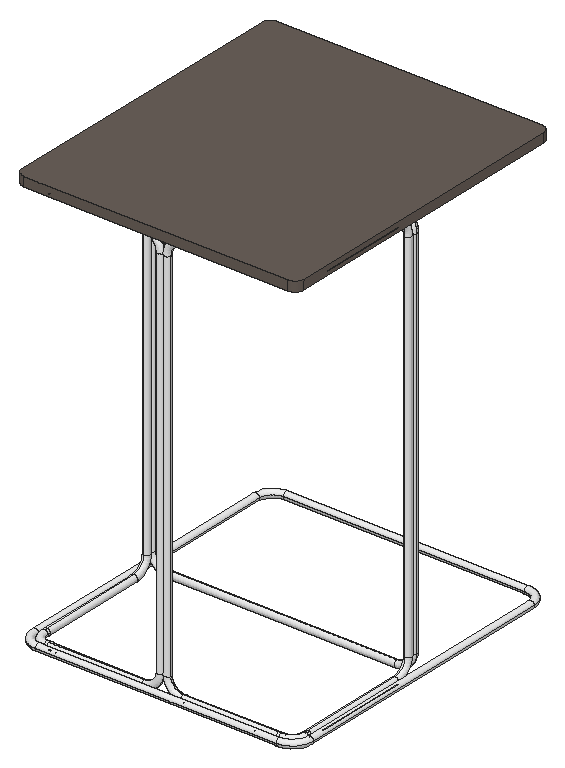
Revit family "Table-Task-Teknion-STKTT_Kogen-R2013", category Furniture, Revit 2013
Parameters (values of type "24 1/2" High")
  Width = 16.000"  # constant formula
  Warranty = "http://www.teknionstudio.com/pdfs/Teknion%20Studio%20Warranty.pdf"
  Unit Weight = 15.00 lbf
  URL = "www.teknionstudio.com"
  Table Top Finish [instance] = Veneer - Teknion - WD - Dark Walnut
  Series = "Teknion Studio"
  Salvage or Reuse = yes
  Product Page URL = "http://teknionstudio.com/teknionstudio/"
  Product Line = "Kogen"
  Product Documentation Link = "http://www.teknionstudio.com/pricing/STKTT_ppg.pdf"
  Part Number = "STKTT"
  Model = "STKTTA"
  Manufacturer Phone = "919-464-2920"
  Manufacturer Fax = "919-464-2927"
  Manufacturer Email = "mailto:customersupport@teknionstudio.com"
  Manufacturer Address = "3940 US 70 Business HWY West, Clayton, NC 27520"
  Manufacturer = "Teknion Studio"  # constant formula
  Height = 24.000"
  Description = "Kogen Task Table 24 1/2\"\"h"
  Depth = 18.000"  # constant formula
  Assembly Code = "E2020200"
Reference planes (in)
  plane 1 "Center F/B": y = 0
  plane 2: z = 0
  plane 3 "Center L/R": x = 0
  plane 4 "Left": x = -8
  plane 5 "Right": x = 8
  plane 6 "Back": y = 9
  plane 7 "Front": y = -9
  plane 8 "Top": z = 24
  plane 9 "Table Bottom": z = 23.48
  plane 10 "Base Bottom Mid-plane": z = 0.1924
  plane 11 "Base Top Mid-plane": z = 23.4124
  plane 12 "Left Leg Mid-plane": x = -7.4228
  plane 13 "Right Leg Mid-plane": x = 7.423
  plane 14 "Front Leg Mid-plane": y = -8.423
Forms (in)
  Extrusion 1, solid, material "Veneer - Teknion - WD - Dark Walnut" <- "Table Top Finish"
    sketch origin (0, 0, 0) x (1, 0, 0) y (0, 1, 0)
      loop
        arc (-7.506, 9) -> (-7.85531, 8.85531) -> (-8, 8.506) r 0.494
        line (-8, 8.506) -> (-8, -8.506)
        arc (-8, -8.506) -> (-7.85531, -8.85531) -> (-7.506, -9) r 0.494
        line (-7.506, -9) -> (7.506, -9)
        arc (7.506, -9) -> (7.85531, -8.85531) -> (8, -8.506) r 0.494
        line (8, -8.506) -> (8, 8.506)
        arc (8, 8.506) -> (7.85531, 8.85531) -> (7.506, 9) r 0.494
        line (7.506, 9) -> (-7.506, 9)
    from 23.48 to 24
  Sweep 2, solid, material "Metal - Teknion - C6 - Chrome"
    path origin (-10.56126, -180, 0.1924) x (-1, 0, 0) y (0, -1, 0)
      loop
        line (-2.75326, -187.846) -> (-2.75326, -172.154)
        arc (-2.75326, -172.154) -> (-3.03502, -171.47376) -> (-3.71526, -171.192) r 0.962
        line (-3.71526, -171.192) -> (-17.40726, -171.192)
        arc (-17.40726, -171.192) -> (-18.08749, -171.47376) -> (-18.36926, -172.154) r 0.962
        line (-18.36926, -172.154) -> (-18.36926, -187.846)
        arc (-18.36926, -187.846) -> (-18.08749, -188.52624) -> (-17.40726, -188.808) r 0.962
        line (-17.40726, -188.808) -> (-3.71526, -188.808)
        arc (-3.71526, -188.808) -> (-3.03502, -188.52624) -> (-2.75326, -187.846) r 0.962
    profile origin (-7.808, 0, 0.1924) x (1, 0, 0) y (0, 0, 1)
      loop
        circle (0, 0) r 0.1924
  Sweep 3, solid, material "Metal - Teknion - C6 - Chrome"
    path origin (0, 0, 0) x (1, 0, 0) y (0, 0, 1)
      loop
        line (-6.514, 0.1924) -> (6.514, 0.1924)
        arc (6.514, 0.1924) -> (7.15747, 0.45893) -> (7.424, 1.1024) r 0.91
        line (7.424, 1.1024) -> (7.424, 22.5024)
        arc (7.424, 22.5024) -> (7.15747, 23.14587) -> (6.514, 23.4124) r 0.91
        line (6.514, 23.4124) -> (-6.514, 23.4124)
        arc (-6.514, 23.4124) -> (-7.15747, 23.14587) -> (-7.424, 22.5024) r 0.91
        line (-7.424, 22.5024) -> (-7.424, 1.1024)
        arc (-7.424, 1.1024) -> (-7.15747, 0.45893) -> (-6.514, 0.1924) r 0.91
    profile origin (0, 0, 0.1924) x (0, 0, 1) y (0, -1, 0)
      loop
        circle (0, 0) r 0.192
  Sweep 4, solid, material "Metal - Teknion - C6 - Chrome"
    path origin (-9.13469, -180, 23.4124) x (-1, 0, 0) y (0, -1, 0)
      loop
        arc (-4.74069, -187.3) -> (-4.09722, -187.03347) -> (-3.83069, -186.39) r 0.91
        line (-3.83069, -186.39) -> (-3.83069, -181.294)
        arc (-3.83069, -181.294) -> (-4.09722, -180.65053) -> (-4.74069, -180.384) r 0.91
        line (-4.74069, -180.384) -> (-13.52869, -180.384)
        arc (-13.52869, -180.384) -> (-14.17216, -180.65053) -> (-14.43869, -181.294) r 0.91
        line (-14.43869, -181.294) -> (-14.43869, -186.39)
        arc (-14.43869, -186.39) -> (-14.17216, -187.03347) -> (-13.52869, -187.3) r 0.91
        line (-13.52869, -187.3) -> (-4.74069, -187.3)
    profile origin (0, 7.3, 23.4124) x (0, 1, 0) y (0, 0, 1)
      loop
        circle (0, 0) r 0.1924
  Sweep 5, solid, material "Metal - Teknion - C6 - Chrome"
    path origin (7.423, -180, 25.63719) x (0, 0, 1) y (0, -1, 0)
      loop
        line (-2.22479, -172.487) -> (-2.22479, -178.7052)
        arc (-2.22479, -178.7052) -> (-2.49132, -179.34867) -> (-3.13479, -179.6152) r 0.91
        line (-3.13479, -179.6152) -> (-24.53479, -179.6152)
        arc (-24.53479, -179.6152) -> (-25.17826, -179.34867) -> (-25.44479, -178.7052) r 0.91
        line (-25.44479, -178.7052) -> (-25.44479, -172.487)
    profile origin (7.423, -4.4039, 23.4124) x (0, 0, 1) y (1, 0, 0)
      loop
        circle (0, 0) r 0.1924
  Sweep 6, solid, material "Metal - Teknion - C6 - Chrome"
    path origin (480, -8.423, 25.20549) x (0, 0, 1) y (1, 0, 0)
      loop
        line (-1.79309, -473.487) -> (-1.79309, -478.8976)
        arc (-1.79309, -478.8976) -> (-2.05962, -479.54107) -> (-2.70309, -479.8076) r 0.91
        line (-2.70309, -479.8076) -> (-24.10309, -479.8076)
        arc (-24.10309, -479.8076) -> (-24.74655, -479.54107) -> (-25.01309, -478.8976) r 0.91
        line (-25.01309, -478.8976) -> (-25.01309, -473.487)
    profile origin (3.8077, -8.423, 23.4124) x (0, 0, 1) y (0, 1, 0)
      loop
        circle (0, 0) r 0.1924
  Sweep 7, solid, material "Metal - Teknion - C6 - Chrome"
    path origin (-9.13469, -180, 23.4124) x (-1, 0, 0) y (0, -1, 0)
      loop
        line (-15.64769, -171.577) -> (-15.80769, -171.577)
        arc (-15.80769, -171.577) -> (-16.33802, -171.79667) -> (-16.55769, -172.327) r 0.75
        line (-16.55769, -172.327) -> (-16.55769, -172.487)
    profile origin (6.593, -8.423, 23.4124) x (0, 1, 0) y (0, 0, 1)
      loop
        circle (0, 0) r 0.1924
  Sweep 8, solid, material "Metal - Teknion - C6 - Chrome"
    path origin (480, -8.423, 25.20549) x (0, 0, 1) y (1, 0, 0)
      loop
        line (-1.79309, -486.5128) -> (-1.79309, -481.1024)
        arc (-1.79309, -481.1024) -> (-2.05962, -480.45893) -> (-2.70309, -480.1924) r 0.91
        line (-2.70309, -480.1924) -> (-24.10309, -480.1924)
        arc (-24.10309, -480.1924) -> (-24.74655, -480.45893) -> (-25.01309, -481.1024) r 0.91
        line (-25.01309, -481.1024) -> (-25.01309, -486.5128)
    profile origin (-3.8076, -8.423, 23.4124) x (0, 0, -1) y (0, 1, 0)
      loop
        circle (0, 0) r 0.192
  Sweep 9, solid, material "Metal - Teknion - C6 - Chrome"
    path origin (-7.4228, -180, 25.63719) x (0, 0, 1) y (0, -1, 0)
      loop
        line (-2.22479, -172.487) -> (-2.22479, -178.706)
        arc (-2.22479, -178.706) -> (-2.49132, -179.34947) -> (-3.13479, -179.616) r 0.91
        line (-3.13479, -179.616) -> (-24.53479, -179.616)
        arc (-24.53479, -179.616) -> (-25.17826, -179.34947) -> (-25.44479, -178.706) r 0.91
        line (-25.44479, -178.706) -> (-25.44479, -172.487)
    profile origin (-7.4228, -4.4035, 23.4124) x (0, 0, 1) y (1, 0, 0)
      loop
        circle (0, 0) r 0.192
  Sweep 10, solid, material "Metal - Teknion - C6 - Chrome"
    path origin (-10.56126, -180, 0.1924) x (-1, 0, 0) y (0, -1, 0)
      loop
        line (-4.04846, -171.577) -> (-3.88846, -171.577)
        arc (-3.88846, -171.577) -> (-3.35813, -171.79667) -> (-3.13846, -172.327) r 0.75
        line (-3.13846, -172.327) -> (-3.13846, -172.487)
    profile origin (-6.5928, -8.423, 0.1924) x (0, -1, 0) y (0, 0, 1)
      loop
        circle (0, 0) r 0.192
  Sweep 11, solid, material "Metal - Teknion - C6 - Chrome"
    path origin (-9.13469, -180, 23.4124) x (-1, 0, 0) y (0, -1, 0)
      loop
        line (-1.71189, -172.487) -> (-1.71189, -172.327)
        arc (-1.71189, -172.327) -> (-1.93156, -171.79667) -> (-2.46189, -171.577) r 0.75
        line (-2.46189, -171.577) -> (-2.62189, -171.577)
    profile origin (-7.4228, -7.593, 23.4124) x (1, 0, 0) y (0, 0, 1)
      loop
        circle (0, 0) r 0.192
  Sweep 12, solid, material "Metal - Teknion - C6 - Chrome"
    path origin (0, 0, 0.1924) x (-1, 0, 0) y (0, -1, 0)
      loop
        line (-6.513, 8.423) -> (-6.673, 8.423)
        arc (-6.673, 8.423) -> (-7.20333, 8.20333) -> (-7.423, 7.673) r 0.75
        line (-7.423, 7.673) -> (-7.423, 7.513)
    profile origin (6.593, -8.423, 0.1924) x (0, 1, 0) y (0, 0, 1)
      loop
        circle (0, 0) r 0.1924
Cuts and joins
  joined: Sweep 5, Sweep 6, Sweep 7, Sweep 12
  joined: Sweep 8, Sweep 9, Sweep 10, Sweep 11
Lines and regions (in)
  Masking region 1
    outline origin (0, 0, 24) x (-1, 0, 0) y (0, -1, 0)
      loop
        arc (7.506, -9) -> (7.85531, -8.85531) -> (8, -8.506) r 0.494
        line (8, -8.506) -> (8, 8.506)
        arc (8, 8.506) -> (7.85531, 8.85531) -> (7.506, 9) r 0.494
        line (7.506, 9) -> (-7.506, 9)
        arc (-7.506, 9) -> (-7.85531, 8.85531) -> (-8, 8.506) r 0.494
        line (-8, 8.506) -> (-8, -8.506)
        arc (-8, -8.506) -> (-7.85531, -8.85531) -> (-7.506, -9) r 0.494
        line (-7.506, -9) -> (7.506, -9)
  symbolic lines, style "Hidden Lines", detail levels medium+fine
    curve 1: line (-4.36049, 7.50125, 24) -> (4.32826, 7.50125, 24)
    curve 2: line (-5.50049, 1.32628, 24) -> (-5.50049, 6.36125, 24)
    curve 4: line (5.46826, 6.36125, 24) -> (5.46826, 1.32628, 24)
    curve 5: line (-7.616, 7.866, 24) -> (-7.616, -7.866, 24)
    curve 6: line (6.866, 8.616, 24) -> (-6.866, 8.616, 24)
    curve 7: line (7.616, -7.866, 24) -> (7.616, 7.866, 24)
    curve 8: line (-6.866, -8.616, 24) -> (6.866, -8.616, 24)
    curve 9: arc (-7.616, 7.866, 24) -> (-7.39633, 8.39633, 24) -> (-6.866, 8.616, 24) r 0.75
    curve 10: arc (6.866, 8.616, 24) -> (7.39633, 8.39633, 24) -> (7.616, 7.866, 24) r 0.75
    curve 11: arc (6.866, -8.616, 24) -> (7.39633, -8.39633, 24) -> (7.616, -7.866, 24) r 0.75
    curve 12: arc (-7.616, -7.866, 24) -> (-7.39633, -8.39633, 24) -> (-6.866, -8.616, 24) r 0.75
    curve 17: arc (-5.50049, 6.36125, 24) -> (-5.16659, 7.16735, 24) -> (-4.36049, 7.50125, 24) r 1.14
    curve 18: arc (4.32826, 7.50125, 24) -> (5.13436, 7.16735, 24) -> (5.46826, 6.36125, 24) r 1.14
    curve 19: arc (5.46826, 1.32628, 24) -> (5.13436, 0.52018, 24) -> (4.32826, 0.18628, 24) r 1.14
    curve 20: arc (-4.36049, 0.18628, 24) -> (-5.16659, 0.52018, 24) -> (-5.50049, 1.32628, 24) r 1.14
  symbolic lines, style "Hidden Lines", detail levels fine
    curve 3: line (7.424, 0.18628, 24) -> (-7.424, 0.18628, 24)
    curve 13: arc (-8, 7.866, 23.4124) -> (-7.66786, 8.66786, 23.4124) -> (-6.866, 9, 23.4124) r 1.134
    curve 14: arc (6.866, 9, 23.4124) -> (7.66786, 8.66786, 23.4124) -> (8, 7.866, 23.4124) r 1.134
    curve 15: arc (8, -7.866, 23.4124) -> (7.66786, -8.66786, 23.4124) -> (6.866, -9, 23.4124) r 1.134
    curve 16: arc (-6.866, -9, 23.4124) -> (-7.66786, -8.66786, 23.4124) -> (-8, -7.866, 23.4124) r 1.134
    curve 21: arc (-4.36049, 7.11725, 24) -> (-4.89506, 6.89582, 24) -> (-5.11649, 6.36125, 24) r 0.756
    curve 22: line (-5.11649, 6.36125, 24) -> (-5.11649, 1.32628, 24)
    curve 23: arc (-5.11649, 1.32628, 24) -> (-4.89506, 0.79171, 24) -> (-4.36049, 0.57028, 24) r 0.756
    curve 24: arc (4.32826, 0.57028, 24) -> (4.86283, 0.79171, 24) -> (5.08426, 1.32628, 24) r 0.756
    curve 25: line (5.08426, 1.32628, 24) -> (5.08426, 6.36125, 24)
    curve 26: arc (5.08426, 6.36125, 24) -> (4.86283, 6.89582, 24) -> (4.32826, 7.11725, 24) r 0.756
    curve 27: line (4.32826, 7.11725, 24) -> (-4.36049, 7.11725, 24)
    curve 28: line (-4.36049, 0.57028, 24) -> (4.32826, 0.57028, 24)
    curve 29: line (7.424, -0.19772, 24) -> (-7.424, -0.19772, 24)
    curve 30: line (-7.232, -0.38972, 24) -> (-7.232, -7.632, 24)
    curve 31: line (-6.632, -8.232, 24) -> (6.632, -8.232, 24)
    curve 32: line (7.232, -7.632, 24) -> (7.232, -0.38972, 24)
    curve 33: arc (-7.232, -7.632, 24) -> (-7.05626, -8.05626, 24) -> (-6.632, -8.232, 24) r 0.6
    curve 34: arc (6.632, -8.232, 24) -> (7.05626, -8.05626, 24) -> (7.232, -7.632, 24) r 0.6
    curve 35: arc (-7.424, -0.19772, 24) -> (-7.616, -0.00572, 24) -> (-7.424, 0.18628, 24) r 0.192
    curve 36: arc (7.424, -0.19772, 24) -> (7.616, -0.00572, 24) -> (7.424, 0.18628, 24) r 0.192
    curve 37: arc (-7.232, -0.38972, 24) -> (-7.424, -0.19772, 24) -> (-7.616, -0.38972, 24) r 0.192
    curve 38: arc (7.232, -0.38972, 24) -> (7.424, -0.19772, 24) -> (7.616, -0.38972, 24) r 0.192
  symbolic lines, style "Hidden Lines", detail levels medium
    curve 39: line (-7.616, 0, 24) -> (7.616, 0, 24)
Dimensions and locks (in)
  "Height": plane 8 "Top" to plane 2
  equal spacing: plane 4 "Left", plane 3 "Center L/R", plane 5 "Right"
  "Width": plane 4 "Left" to plane 5 "Right"
  equal spacing: plane 6 "Back", plane 1 "Center F/B", plane 7 "Front"
  "Depth": plane 6 "Back" to plane 7 "Front"
  locked: plane 10 "Base Bottom Mid-plane" to plane 2 at 0.1924
  locked: plane 8 "Top" to plane 9 "Table Bottom" at 0.52
  locked: plane 4 "Left" to Sweep 2 sketch curve at 0.192
  locked: Sweep 2 sketch curve to plane 5 "Right" at 0.192
  locked: plane 7 "Front" to Sweep 2 sketch curve at 0.192
  locked: plane 6 "Back" to Sweep 2 sketch curve at 0.192
  locked: plane 5 "Right" to Sweep 3 sketch curve at 0.576
  locked: Sweep 3 sketch curve to plane 4 "Left" at 0.576
  locked: plane 1 "Center F/B" to Sweep 4 sketch curve at 0.384
  locked: Sweep 4 sketch curve to Sweep 4 sketch curve at 10.608
  locked: Sweep 4 sketch curve to Sweep 4 sketch curve at 6.916
  equal spacing: Sweep 4 sketch curve, plane 3 "Center L/R", Sweep 4 sketch curve
  locked: plane 12 "Left Leg Mid-plane" to plane 4 "Left" at 0.5772
  locked: plane 5 "Right" to plane 13 "Right Leg Mid-plane" at 0.577
  locked: plane 7 "Front" to plane 14 "Front Leg Mid-plane" at 0.577
  locked: Sweep 5 sketch curve to plane 1 "Center F/B" at 0.3848
  locked: plane 3 "Center L/R" to Sweep 6 sketch curve at 0.1924
  locked: plane 3 "Center L/R" to Sweep 8 sketch curve at 0.1924
  locked: plane 1 "Center F/B" to Sweep 9 sketch curve at 0.384
  locked: plane 9 "Table Bottom" to plane 11 "Base Top Mid-plane" at 0.0676
  locked: Sweep 2 sketch curve to plane 4 "Left" at 0.192
  locked: plane 6 "Back" to Sweep 4 sketch curve at 1.7
  curve 3 to plane 1 "Center F/B" to curve 29 = 0.18628" locked, 0.19772" locked
  locked: plane 1 "Center F/B" to curve 28 at 0.57028
  plane 6 "Back" to curve 6 to curve 1 to curve 27 = 0.384" locked, 1.11475" locked, 0.384" locked
  plane 7 "Front" to curve 8 to curve 31 = 0.384" locked, 0.384" locked
  plane 4 "Left" to curve 5 to curve 30 = 0.384" locked, 0.384" locked
  curve 32 to curve 7 to plane 5 "Right" = 0.384" locked, 0.384" locked
  curve 2 to curve 22 to plane 3 "Center L/R" to curve 25 to curve 4 = 0.384" locked, 5.11649" locked, 5.08426" locked, 0.384" locked
  radius of Sweep 12 sketch curve = 0.750"
  aligned and locked: level to plane 2
  aligned and locked: Extrusion 1 sketch curve to plane 6 "Back"
  aligned and locked: plane 4 "Left" to Extrusion 1 sketch curve
  aligned and locked: Extrusion 1 sketch curve to plane 7 "Front"
  aligned and locked: Extrusion 1 sketch curve to plane 5 "Right"
  aligned and locked: plane 8 "Top" to Extrusion 1
  aligned and locked: Extrusion 1 to plane 9 "Table Bottom"
  aligned and locked: plane 11 "Base Top Mid-plane" to Sweep 3 sketch curve
  aligned and locked: Sweep 3 sketch curve to plane 10 "Base Bottom Mid-plane"
  aligned and locked: Sweep 5 sketch curve to plane 11 "Base Top Mid-plane"
  aligned and locked: plane 10 "Base Bottom Mid-plane" to Sweep 5 sketch curve
  aligned and locked: Sweep 6 sketch curve to plane 11 "Base Top Mid-plane"
  aligned and locked: plane 10 "Base Bottom Mid-plane" to Sweep 6 sketch curve
  aligned and locked: Sweep 7 sketch curve to plane 14 "Front Leg Mid-plane"
  aligned and locked: plane 13 "Right Leg Mid-plane" to Sweep 7 sketch curve
  aligned and locked: Masking region 1 sketch curve to Extrusion 1  (x4)
  aligned and locked: plane 11 "Base Top Mid-plane" to Sweep 8 sketch curve
  aligned and locked: Sweep 8 sketch curve to plane 10 "Base Bottom Mid-plane"
  aligned and locked: Sweep 9 sketch curve to plane 11 "Base Top Mid-plane"
  aligned and locked: plane 12 "Left Leg Mid-plane" to Sweep 10 sketch curve
  aligned and locked: plane 14 "Front Leg Mid-plane" to Sweep 10 sketch curve  (x2)
  aligned and locked: Sweep 11 sketch curve to plane 14 "Front Leg Mid-plane"
  aligned and locked: Sweep 11 sketch curve to plane 12 "Left Leg Mid-plane"
  aligned and locked: plane 12 "Left Leg Mid-plane" to Sweep 9 sketch curve  (x2)
  aligned and locked: Sweep 9 sketch curve to plane 10 "Base Bottom Mid-plane"
  aligned and locked: plane 11 "Base Top Mid-plane" to Sweep 9 sketch curve
  aligned and locked: plane 13 "Right Leg Mid-plane" to Sweep 5 sketch curve
  aligned and locked: plane 11 "Base Top Mid-plane" to Sweep 5 sketch curve
  aligned and locked: plane 10 "Base Bottom Mid-plane" to Sweep 2 sketch curve
  aligned and locked: plane 10 "Base Bottom Mid-plane" to Sweep 10 sketch curve
  aligned and locked: plane 11 "Base Top Mid-plane" to Sweep 4 sketch curve
  aligned and locked: plane 10 "Base Bottom Mid-plane" to Sweep 3 sketch curve
  aligned and locked: plane 1 "Center F/B" to Sweep 3 sketch curve
  aligned and locked: plane 11 "Base Top Mid-plane" to Sweep 7 sketch curve
  aligned and locked: plane 14 "Front Leg Mid-plane" to Sweep 7 sketch curve
  aligned and locked: plane 11 "Base Top Mid-plane" to Sweep 11 sketch curve
  aligned and locked: plane 12 "Left Leg Mid-plane" to Sweep 11 sketch curve
  aligned and locked: plane 1 "Center F/B" to curve 39
  aligned and locked: plane 11 "Base Top Mid-plane" to Sweep 6 sketch curve
  aligned and locked: plane 14 "Front Leg Mid-plane" to Sweep 6 sketch curve
  aligned and locked: Sweep 12 sketch curve to cut or joined group of Sweep 5, Sweep 6, Sweep 7, Sweep 12  (x2)
  aligned and locked: Sweep 12 sketch curve to plane 13 "Right Leg Mid-plane"
  aligned and locked: Sweep 12 sketch curve to plane 14 "Front Leg Mid-plane"
Automatic sketch dimensions
  plane 10 "Base Bottom Mid-plane" to Sweep 9 sketch curve = 0.910"
  Sweep 9 sketch curve to Sweep 9 sketch curve = 0.910"
  plane 14 "Front Leg Mid-plane" to Sweep 9 sketch curve = 0.910"  (x2)
  Extrusion 1 sketch curve to plane 12 "Left Leg Mid-plane" = 0.0832"  (x2)
  plane 13 "Right Leg Mid-plane" to Extrusion 1 sketch curve = 0.083"  (x2)
  Sweep 2 sketch curve to plane 13 "Right Leg Mid-plane" = 0.577"  (x2)
  plane 12 "Left Leg Mid-plane" to Sweep 2 sketch curve = 0.5768"  (x2)
  plane 12 "Left Leg Mid-plane" to Sweep 3 sketch curve = 0.9088"  (x2)
  Sweep 3 sketch curve to plane 13 "Right Leg Mid-plane" = 0.909"  (x2)
  Sweep 4 sketch curve to Sweep 4 sketch curve = 0.910"  (x4)
  plane 10 "Base Bottom Mid-plane" to Sweep 5 sketch curve = 0.910"
  Sweep 5 sketch curve to plane 11 "Base Top Mid-plane" = 0.910"
  plane 14 "Front Leg Mid-plane" to Sweep 5 sketch curve = 0.910"  (x2)
  plane 10 "Base Bottom Mid-plane" to Sweep 6 sketch curve = 0.910"
  Sweep 6 sketch curve to plane 11 "Base Top Mid-plane" = 0.910"
  Sweep 6 sketch curve to plane 13 "Right Leg Mid-plane" = 0.910"  (x2)
  Sweep 7 sketch curve to Sweep 7 sketch curve = 0.750"
  Sweep 7 sketch curve to Sweep 7 sketch curve = 0.160"  (x2)
  curve 15 to plane 5 "Right" = 0.000"
  curve 14 to plane 5 "Right" = 0.000"
  plane 7 "Front" to curve 16 = 0.000"
  curve 13 to plane 6 "Back" = 0.000"
  plane 10 "Base Bottom Mid-plane" to Sweep 8 sketch curve = 0.910"
  Sweep 8 sketch curve to Sweep 8 sketch curve = 0.910"
  plane 12 "Left Leg Mid-plane" to Sweep 8 sketch curve = 0.910"  (x2)
  Sweep 8 sketch curve to plane 14 "Front Leg Mid-plane" = 0.000"
  Sweep 8 sketch curve to profile plane = 0.000"
  plane 12 "Left Leg Mid-plane" to Sweep 10 sketch curve = 0.750"
  Sweep 10 sketch curve to Sweep 10 sketch curve = 0.160"  (x2)
  plane 12 "Left Leg Mid-plane" to Sweep 11 sketch curve = 0.750"
  Sweep 11 sketch curve to Sweep 11 sketch curve = 0.160"  (x2)
  Sweep 12 sketch curve to Sweep 12 sketch curve = 0.160"  (x2)
  curve 13 to plane 4 "Left" = 0.000"
  curve 16 to plane 4 "Left" = 0.000"
  curve 14 to plane 6 "Back" = 0.000"
  plane 12 "Left Leg Mid-plane" to curve 13 = 0.5568"
  plane 7 "Front" to curve 15 = 0.000"
  curve 14 to plane 13 "Right Leg Mid-plane" = 0.557"
  curve 10 to plane 13 "Right Leg Mid-plane" = 0.557"
  plane 12 "Left Leg Mid-plane" to curve 8 = 0.5568"
  plane 12 "Left Leg Mid-plane" to curve 9 = 0.5568"
  plane 14 "Front Leg Mid-plane" to curve 11 = 0.557"
  plane 13 "Right Leg Mid-plane" to curve 29 = 0.001"
  curve 29 to plane 12 "Left Leg Mid-plane" = 0.0012"
  curve 11 to curve 31 = 0.234"
  curve 31 to curve 12 = 0.234"
  curve 15 to plane 13 "Right Leg Mid-plane" = 0.557"
  plane 12 "Left Leg Mid-plane" to curve 16 = 0.5568"
  curve 17 to curve 21 = 0.000"
  curve 18 to curve 26 = 0.000"
  curve 20 to curve 23 = 0.000"
  curve 25 to curve 18 = 0.756"
  curve 25 to curve 19 = 0.756"
  curve 21 to curve 9 = 2.50551"
  curve 20 to curve 23 = 0.756"
  curve 25 to curve 4 = 0.000"
  radius of Sweep 2 sketch curve = 0.1924"
  radius of Sweep 3 sketch curve = 0.192"
  radius of Sweep 4 sketch curve = 0.1924"
  radius of Sweep 5 sketch curve = 0.1924"
  radius of Sweep 6 sketch curve = 0.1924"
  radius of Sweep 7 sketch curve = 0.1924"
  radius of Sweep 8 sketch curve = 0.192"
  radius of Sweep 9 sketch curve = 0.192"
  radius of Sweep 10 sketch curve = 0.192"
  radius of Sweep 11 sketch curve = 0.192"
